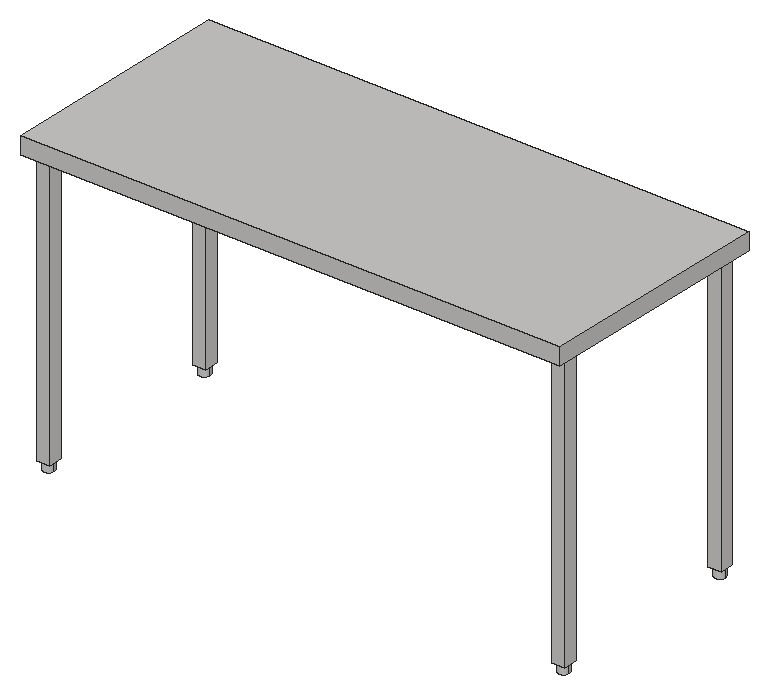
Revit family "QF_ELECTROLUXPROFESSIONAL_132726_TG1600PN", category Attrezzature speciali, Revit 2020
Family settings
  Quota connettore circolare = Usa diametro
  Tipo di parte = Normale
  Basato su piano di lavoro = No
  Sempre verticale = Sì
  Taglio con vuoti quando caricato = No
  Condiviso = No
  Punto di calcolo locali = No
Parameters (values of type "Standard")
  Weight = 50.00 kg
  Watts = 0 W
  Volts = 0 V
  URL Manufacturer = "https://www.electroluxprofessional.com/"
  URL = "https://www.electroluxprofessional.com/"
  Steam Supply Size = 0 mm
  Steam Supply Minimum Pressure = 0.0 Pa
  Steam Supply Maximum Pressure = 0.0 Pa
  Steam Consumption per Hour = 0
  Refrigeration Suction Line Size = 0.0 mm
  Refrigeration Liquid Line Size = 0.0 mm
  Refrigerant Compressor Remote = yes
  Prospetto di default = 0.0 mm
  Produttore = "Electrolux Professional"
  Phase = 0
  Modello = "TG1600PN"
  Length Actual = 1600.0 mm  # constant formula
  Item Number = "132726"
  Hot Water Size = 0 mm
  Height Actual = 900.0 mm  # constant formula
  HP = "0 HP"
  Gas Size = 0 mm
  Gas KW = 0
  Gas Input Pressure = 0 W
  Direct Waste Size = 0 mm
  Descrizione = "WORK TABLE 1600 MM"
  Depth Actual = 700.0 mm  # constant formula
  Cycle = 0 Hz
  Condensate Return Size = 0 mm
  Compressed Air Volume = 0.0 L/s
  Compressed Air Size = 0 mm
  Compressed Air Pressure = 0.0 Pa
  Cold Water Size = 0 mm
  Accessory = yes
Reference planes
  plane 1 "Center (Front/Back)": y = 0
  plane 2: z = 0
  plane 3 "Center (Left/Right)": x = -300
  plane 4 "LEFT": x = -1100
  plane 5 "RIGHT": x = 500
  plane 6 "BACK": y = 350
  plane 7 "FRONT": y = -350
  plane 8 "Base": z = 850
  plane 9 "TOP": z = 900
  plane 10: x = -1064.5
  plane 11: x = 464.5
  plane 12: y = 290
  plane 13: y = -290
Forms (mm)
  Extrusion 1, solid, material "QF_Finishes_Stainless Steel"
    sketch origin (-300, 0, 0) x (0, 1, 0) y (0, 0, 1)
      loop
        line (-350, 850) -> (350, 850) -> (350, 900) -> (-350, 900) -> (-350, 850)
    from 800 to -800
Lines and regions (mm)
  symbolic lines
    curve 1: line (500, 350, 900) -> (-1100, 350, 900)
    curve 2: line (-1100, 350, 900) -> (-1100, -350, 900)
    curve 3: line (-1100, -350, 900) -> (500, -350, 900)
    curve 4: line (500, -350, 900) -> (500, 350, 900)
Dimensions and locks
  plane 4 "LEFT" to plane 5 "RIGHT" = 1600.0 mm
  equal spacing: plane 4 "LEFT", plane 3 "Center (Left/Right)", plane 5 "RIGHT"
  locked: plane 8 "Base" to level at 850
  plane 4 "LEFT" to plane 10 = 35.5 mm
  plane 11 to plane 5 "RIGHT" = 35.5 mm
  plane 10 to plane 11 = 1529.0 mm
  locked: plane 9 "TOP" to level at 900
  plane 6 "BACK" to plane 12 = 60.0 mm
  plane 13 to plane 7 "FRONT" = 60.0 mm
  plane 6 "BACK" to plane 7 "FRONT" = 700.0 mm
  plane 12 to plane 13 = 580.0 mm
  equal spacing: plane 6 "BACK", plane 1 "Center (Front/Back)", plane 7 "FRONT"
  aligned and locked: level to plane 2
  aligned and locked: plane 10 to nested 1
  aligned and locked: nested 1 to plane 13
  aligned and locked: plane 11 to nested 2
  aligned and locked: nested 2 to plane 13
  aligned and locked: plane 11 to nested 4
  aligned and locked: nested 4 to plane 12
  aligned and locked: plane 10 to nested 3
  aligned and locked: nested 3 to plane 12
  aligned and locked: Extrusion 1 to plane 4 "LEFT"
  aligned and locked: plane 5 "RIGHT" to Extrusion 1
  aligned and locked: curve 2 to plane 4 "LEFT"
Automatic sketch dimensions
  Extrusion 1 sketch curve to plane 7 "FRONT" = 0.0 mm
  Extrusion 1 sketch curve to plane 8 "Base" = 0.0 mm
  curve 3 to plane 7 "FRONT" = 0.0 mm
  curve 4 to plane 6 "BACK" = 0.0 mm
  Extrusion 1 sketch curve to plane 9 "TOP" = 0.0 mm
  Extrusion 1 sketch curve to plane 6 "BACK" = 0.0 mm
  curve 4 to plane 5 "RIGHT" = 0.0 mm
Nested families
  nested 1: "FEET_40x40" at (-1064.5, -290, 0), type "FEET_40x40"
  nested 2: "FEET_40x40" at (464.5, -290, 0), type "FEET_40x40"
  nested 3: "FEET_40x40" at (-1064.5, 290, 0), type "FEET_40x40"
  nested 4: "FEET_40x40" at (464.5, 290, 0), type "FEET_40x40"
Definition of nested family "FEET_40x40"
  Parameters
    Default Elevation = 0.0 mm
    FEET = 850.0 mm
  Reference planes
    plane 1 "Center (Front/Back)": y = 0
    plane 2: z = 0
    plane 3 "Center (Left/Right)": x = 0
    plane 4: z = 850
  Forms (mm)
    Extrusion 1, solid
      sketch origin (0, 0, 0) x (1, 0, 0) y (0, 1, 0)
        loop
          line (-20, -20) -> (20, -20) -> (20, 20) -> (-20, 20) -> (-20, -20)
      from 25 to 845
    Extrusion 2, solid
      sketch origin (0, 0, 0) x (1, 0, 0) y (0, 1, 0)
        loop
          circle (0, 0) r 16
      from 0 to 25
    Extrusion 3, solid
      sketch origin (0, 0, 0) x (1, 0, 0) y (0, 1, 0)
        loop
          line (30, 30) -> (-30, 30) -> (-30, -30) -> (30, -30) -> (30, 30)
      from 845 to 850
  Lines and regions (mm)
    symbolic lines
      curve 1: line (0, -1.503, 0) -> (0, 1.508, 0)
      curve 2: line (1.561, 0, 0) -> (-1.439, 0, 0)
  Dimensions and locks
    "FEET": plane 4 to plane 2
    aligned and locked: level to plane 2
  Automatic sketch dimensions
    Extrusion 1 sketch curve to plane 3 "Center (Left/Right)" = 20.0 mm
    plane 3 "Center (Left/Right)" to Extrusion 1 sketch curve = 20.0 mm
    plane 1 "Center (Front/Back)" to Extrusion 1 sketch curve = 20.0 mm
    Extrusion 1 sketch curve to plane 1 "Center (Front/Back)" = 20.0 mm
    plane 1 "Center (Front/Back)" to Extrusion 2 sketch curve = 0.0 mm
    Extrusion 2 sketch curve to plane 3 "Center (Left/Right)" = 0.0 mm
    plane 3 "Center (Left/Right)" to Extrusion 3 sketch curve = 30.0 mm
    Extrusion 3 sketch curve to plane 1 "Center (Front/Back)" = 30.0 mm
    Extrusion 3 sketch curve to plane 3 "Center (Left/Right)" = 30.0 mm
    plane 1 "Center (Front/Back)" to Extrusion 3 sketch curve = 30.0 mm
    plane 1 "Center (Front/Back)" to curve 2 = 0.0 mm
    curve 1 to plane 3 "Center (Left/Right)" = 0.0 mm
    curve 2 to plane 3 "Center (Left/Right)" = 1.439 mm
    plane 3 "Center (Left/Right)" to curve 2 = 1.561 mm
    plane 1 "Center (Front/Back)" to curve 1 = 1.503 mm
    curve 1 to plane 1 "Center (Front/Back)" = 1.508 mm
    radius of Extrusion 2 sketch curve = 16.0 mm
